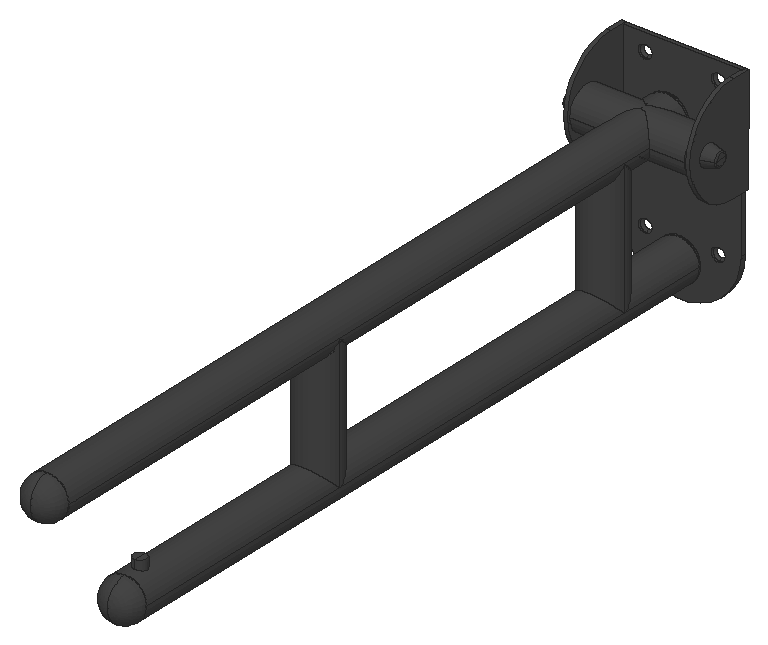
Revit family "rba-bim-rba4603-09 Series", category Plumbing Fixtures, Revit 2016
Family settings
  Part Type = Normal
  Round Connector Dimension = Use Diameter
  Work Plane-Based = No
  Always vertical = Yes
  Cut with Voids When Loaded = No
  Shared = Yes
  Room Calculation Point = No
Parameters (values of type "RBA4603-098")
  Watermarked By = "www.rba.com.au"
  Waste Connection = yes
  Vent Connection = yes
  URL = "http://www.rba.com.au/accessible-disabled/grab-rails"
  Phone Number = "1300 788 778"
  OFFSET = 1000 mm
  Modified Issue = "20180620"
  Model = "RBA4603-098"
  Materials and Finishes = Stainless Steel / Matte Black Antibacterial Finish
  Manufacturer Model = ""
  Manufacturer = "RBA Group"  # constant formula
  HW Connection = yes
  Distance Away from Wall (default) = 100 mm
  Distance Away from Toilet (default) = 1090 mm
  Description = "Raffaello Drop Down Grail Rail"
  Copyright by = "RBA Group"  # constant formula
  CW Connection = yes
Types (3, lengths in mm): name | Model | Materials and Finishes
  RBA4603-091 | "RBA4603-091" | Stainless Steel / White Antibacterial Finish
  RBA4603-098 | "RBA4603-098" | Stainless Steel / Matte Black Antibacterial Finish
  RBA4603-099 | "RBA4603-099" | Stainless Steel / Chrome
Reference planes
  plane 1 "Center (Front/Back)": y = 0
  plane 2: z = 0
  plane 3 "Center (Left/Right)": x = 0
  plane 4: y = -2.991
  plane 5: z = 28.48
  plane 6: z = 129.481
Forms (mm)
  Extrusion 1, solid, material "Stainless Steel / Matte Black Antibacterial Finish" <- "Materials and Finishes"
    sketch origin (0, 0, 170.244) x (1, 0, 0) y (0, 0, 1)
      loop
        line (44.754, -125.49) -> (44.754, 0) -> (-44.754, 0) -> (-44.754, -125.49)
        arc (-44.754, -125.49) -> (0, -170.244) -> (44.754, -125.49) r 44.754
    from 0 to 2.991
  Revolve 2, solid, material "Stainless Steel / Matte Black Antibacterial Finish" <- "Materials and Finishes"
    sketch origin (0, 0, 170.244) x (0, 0, 1) y (0, -1, 0)
      loop
        line (-40.764, 616) -> (-40.764, 600) -> (-24.764, 600)
        arc (-24.764, 600) -> (-29.45, 611.314) -> (-40.764, 616) r 16
      axis (-40.764, 616) -> (-40.764, 600)
    angle from 0 to 360
  Revolve 3, solid, material "Stainless Steel / Matte Black Antibacterial Finish" <- "Materials and Finishes"
    sketch origin (0, 73.003, 69.244) x (0, 0, 1) y (0, -1, 0)
      loop
        line (-40.764, 616) -> (-40.764, 600) -> (-24.764, 600)
        arc (-24.764, 600) -> (-29.45, 611.314) -> (-40.764, 616) r 16
      axis (-40.764, 616) -> (-40.764, 600)
    angle from 0 to 360
  Sweep 4, solid, material "Stainless Steel / Matte Black Antibacterial Finish" <- "Materials and Finishes"
    path origin (0, 103.003, 207.98) x (0, 0, 1) y (0, -1, 0)
      loop
        line (-179.5, 110.001) -> (-179.5, 630)
    profile origin (0, -266.997, 28.48) x (0, 0, -1) y (1, 0, 0)
      loop
        circle (0, 0) r 16
  Sweep 5, solid, material "Stainless Steel / Matte Black Antibacterial Finish" <- "Materials and Finishes"
    path origin (0, 30, 308.981) x (0, 0, 1) y (0, -1, 0)
      loop
        line (-179.5, 47.799) -> (-179.5, 630)
    profile origin (0, -308.9, 129.481) x (0, 0, -1) y (1, 0, 0)
      loop
        circle (0, 0) r 16
  Revolve 6, solid, material "Stainless Steel / Matte Black Antibacterial Finish" <- "Materials and Finishes"
    sketch origin (0, 1.502, -13.32) x (0, 1, 0) y (0, 0, 1)
      loop
        line (-8.5, 57.8) -> (-8.5, 41.8) -> (-4.5, 41.8)
        arc (-4.5, 41.8) -> (-4.908, 49.068) -> (-6.125, 56.244) r 65
        arc (-6.125, 56.244) -> (-6.999, 57.501) -> (-8.5, 57.8) r 2.046
      axis (-8.5, 41.8) -> (-4.5, 41.8)
    angle from 0 to 360
  Extrusion 7, solid, material "Stainless Steel / Matte Black Antibacterial Finish" <- "Materials and Finishes"
    sketch origin (-71.76, 5, 174.744) x (0, 0, 1) y (0, 1, 0)
      loop
        arc (-85.471, -19.247) -> (-44.898, -59.737) -> (-4.5, -19.071) r 40.486
        line (-4.5, -19.071) -> (-4.5, -5) -> (-85.469, -5.001) -> (-85.471, -19.247)
    from -27.26 to -24.26
  Extrusion 8, solid, material "Stainless Steel / Matte Black Antibacterial Finish" <- "Materials and Finishes"
    sketch origin (71.76, 5, 174.744) x (0, 0, 1) y (0, -1, 0)
      loop
        line (-85.471, 19.247) -> (-85.469, 5.001) -> (-4.5, 5) -> (-4.5, 19.071)
        arc (-4.5, 19.071) -> (-44.898, 59.737) -> (-85.471, 19.247) r 40.486
    from -27.26 to -24.26
  Extrusion 9, void
    sketch origin (-19.795, 166.701, 178.247) x (0, 0, 1) y (0, -1, 0)
      loop
        circle (-48.5, 205) r 5
    from 64.549 to 67.549
  Revolve 10, solid, material "Stainless Steel / Matte Black Antibacterial Finish" <- "Materials and Finishes"
    sketch origin (-12.031, 161.701, 129.747) x (0, -1, 0) y (1, 0, 0)
      loop
        line (205.224, -44.855) -> (208, -35.469) -> (200, -35.469) -> (200, -45.461) -> (204.109, -45.461)
        arc (204.109, -45.461) -> (204.744, -45.3) -> (205.224, -44.855) r 1.329
      axis (200, -45.461) -> (200, -35.469)
    angle from 0 to 360
  Revolve 11, solid, material "Stainless Steel / Matte Black Antibacterial Finish" <- "Materials and Finishes"
    sketch origin (-10.799, 161.701, 129.747) x (0, -1, 0) y (1, 0, 0)
      loop
        line (200, 65.049) -> (200, -43.451) -> (204.245, -43.451) -> (204.245, -37.456) -> (205, -36.701) -> (205, -33.701) -> (215, -33.701) -> (215, -32.448) -> (216, -32.448) -> (216, 54.046) -> (215, 54.046) -> (215, 55.299) -> (205, 55.299) -> (205, 58.299) -> (204.245, 59.054) -> (204.245, 65.049) -> (200, 65.049)
      axis (200, -43.451) -> (200, 65.049)
    angle from 0 to 360
  Revolve 12, solid, material "Stainless Steel / Matte Black Antibacterial Finish" <- "Materials and Finishes"
    sketch origin (12.031, 161.701, 129.747) x (0, 1, 0) y (-1, 0, 0)
      loop
        arc (-205.224, -44.855) -> (-204.744, -45.3) -> (-204.109, -45.461) r 1.329
        line (-204.109, -45.461) -> (-200, -45.461) -> (-200, -35.469) -> (-208, -35.469) -> (-205.224, -44.855)
      axis (-200, -45.461) -> (-200, -35.469)
    angle from 0 to 360
  Sweep 13, solid, material "Stainless Steel / Matte Black Antibacterial Finish" <- "Materials and Finishes"
    path origin (0, -165.497, -81.52) x (0, 1, 0) y (0, 0, 1)
      loop
        line (-179.5, 110.001) -> (-179.5, 211.001)
    profile origin (0, -344.997, 78.981) x (0, -1, 0) y (1, 0, 0)
      loop
        circle (0, 0) r 16
  Sweep 14, solid, material "Stainless Steel / Matte Black Antibacterial Finish" <- "Materials and Finishes"
    path origin (0, 102.503, -81.52) x (0, 1, 0) y (0, 0, 1)
      loop
        line (-179.5, 110.001) -> (-179.5, 211.001)
    profile origin (0, -76.997, 78.981) x (0, -1, 0) y (1, 0, 0)
      loop
        circle (0, 0) r 16
  Revolve 15, void
    sketch origin (27.5, 1.831, 142.249) x (0, 1, 0) y (0, 0, 1)
      loop
        line (-4.822, 20.25) -> (-4.822, 15) -> (-1.831, 15) -> (-1.831, 18.5) -> (-3.581, 20.25) -> (-4.822, 20.25)
      axis (-1.831, 15) -> (-4.822, 15)
    angle from 0 to 360
  Revolve 16, void
    sketch origin (-27.5, 1.831, 142.249) x (0, 1, 0) y (0, 0, -1)
      loop
        line (-4.822, -20.25) -> (-3.581, -20.25) -> (-1.831, -18.5) -> (-1.831, -15) -> (-4.822, -15) -> (-4.822, -20.25)
      axis (-1.831, -15) -> (-4.822, -15)
    angle from 0 to 360
  Revolve 17, void
    sketch origin (27.5, 1.831, 24.75) x (0, 1, 0) y (0, 0, 1)
      loop
        line (-4.822, 20.25) -> (-4.822, 15) -> (-1.831, 15) -> (-1.831, 18.5) -> (-3.581, 20.25) -> (-4.822, 20.25)
      axis (-1.831, 15) -> (-4.822, 15)
    angle from 0 to 360
  Revolve 18, void
    sketch origin (-27.5, 1.831, 24.75) x (0, 1, 0) y (0, 0, -1)
      loop
        line (-4.822, -20.25) -> (-3.581, -20.25) -> (-1.831, -18.5) -> (-1.831, -15) -> (-4.822, -15) -> (-4.822, -20.25)
      axis (-1.831, -15) -> (-4.822, -15)
    angle from 0 to 360
  Revolve 19, solid, material "Stainless Steel / Matte Black Antibacterial Finish" <- "Materials and Finishes"
    sketch origin (0, -9.299, 87.681) x (0, 1, 0) y (0, 0, 1)
      loop
        line (-8.5, 57.8) -> (-8.5, 41.8) -> (-4.5, 41.8)
        arc (-4.5, 41.8) -> (-4.908, 49.068) -> (-6.125, 56.244) r 65
        arc (-6.125, 56.244) -> (-6.999, 57.501) -> (-8.5, 57.8) r 2.046
      axis (-8.5, 41.8) -> (-4.5, 41.8)
    angle from 0 to 360
  Revolve 20, solid, material "Stainless Steel / Matte Black Antibacterial Finish" <- "Materials and Finishes"
    sketch origin (0, 0, 170.244) x (0, 0, 1) y (0, -1, 0)
      loop
        line (-119.764, 512.997) -> (-119.764, 517.997) -> (-141.764, 517.997) -> (-141.764, 512.997) -> (-119.764, 512.997)
      axis (-119.764, 512.997) -> (-141.764, 512.997)
    angle from 0 to 360
Cuts and joins
  Extrusion 9 cuts Revolve 12
  Revolve 15, Revolve 16, Revolve 17, Revolve 18 cuts Extrusion 1
Dimensions and locks
  aligned and locked: plane 2 to level
